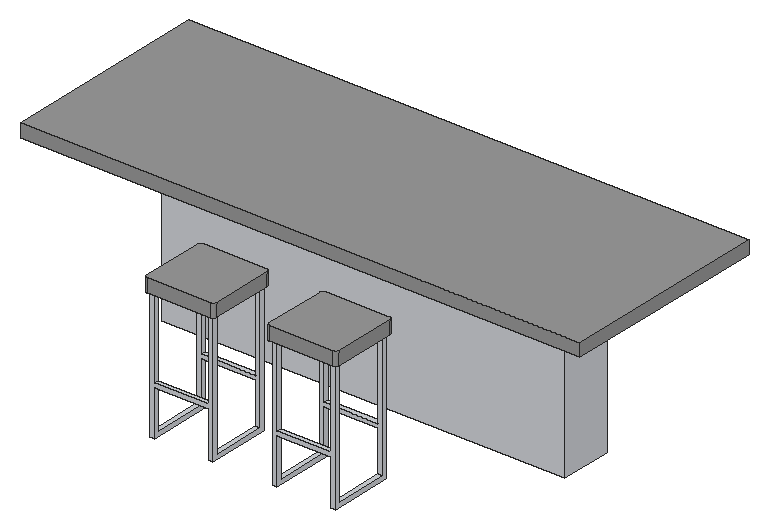
Revit family "Island_bench", category Casework, Revit 2016
Family settings
  OmniClass Number = 23.40.35.00
  OmniClass Title = Casework
  Work Plane-Based = No
  Always vertical = Yes
  Cut with Voids When Loaded = No
  Shared = No
  Room Calculation Point = No
Parameters (values of type "CONNECT BENCH 9000")
  w = (Width / 2 mm) / 700  # 2
  VISABILITY = yes
  SS = 400 mm
  Depth = 1200 mm
  Height = 900 mm
  Width = 3200 mm
Types (4, lengths in mm): name | w | Depth | Width
  CONNECT BENCH | 2 | 900 | 2450
  CONNECT BENCH 9000 | 2 | 1200 | 3200
  CONNECT BENCH 7200 | 5 | 1200 | 7200
  CONNECT BENCH 4000 | 3 | 1200 | 4000
Reference planes
  plane 1 "Back": y = 0
  plane 2: z = 0
  plane 3 "Front": y = -1200
  plane 4 "Left": x = -705.3
  plane 5 "Right": x = 2494.7
  plane 6 "Top": z = 900
  plane 7 "PLINTH LEFT": x = -255.3
  plane 8 "PLINTH RIGHT": x = 2044.7
  plane 9: y = -450
  plane 10: y = -750
  plane 11: y = -600
  plane 12: x = 894.7
Forms (mm)
  Extrusion 1, solid
    sketch origin (0, 0, 0) x (1, 0, 0) y (0, 1, 0)
      loop
        line (-255.3, -450) -> (-255.3, -750) -> (2044.7, -750) -> (2044.7, -450) -> (-255.3, -450)
    from 0 to 975
  Extrusion 2, solid, material "ABS Plastic"
    sketch origin (0, 0, 0) x (1, 0, 0) y (0, 1, 0)
      loop
        line (-705.3, 0) -> (-705.3, -1200) -> (2494.7, -1200) -> (2494.7, 0) -> (-705.3, 0)
    from 975 to 1050
Dimensions and locks
  "Width": plane 5 "Right" to plane 4 "Left"
  "Depth": plane 3 "Front" to plane 1 "Back"
  "Height": level to plane 6 "Top"
  equal spacing: plane 3 "Front", plane 11, plane 1 "Back"
  plane 10 to plane 11 to plane 9 = 150 mm locked, 150 mm locked
  locked: plane 8 "PLINTH RIGHT" to plane 5 "Right" at 450
  locked: Extrusion 2 to plane 7 "PLINTH LEFT" at 450
  equal spacing: plane 7 "PLINTH LEFT", plane 12, plane 8 "PLINTH RIGHT"
  locked: nested 2 to plane 12 at 350
  locked: plane 12 to nested 1 at 350
  aligned and locked: level to plane 2
Automatic sketch dimensions
  Extrusion 1 sketch curve to plane 7 "PLINTH LEFT" = 0 mm
  Extrusion 1 sketch curve to plane 8 "PLINTH RIGHT" = 0 mm
  plane 10 to Extrusion 1 sketch curve = 0 mm
  plane 9 to Extrusion 1 sketch curve = 0 mm
  plane 1 "Back" to Extrusion 2 sketch curve = 0 mm
  Extrusion 2 sketch curve to plane 4 "Left" = 0 mm
  plane 3 "Front" to Extrusion 2 sketch curve = 0 mm
  Extrusion 2 sketch curve to plane 5 "Right" = 0 mm
Nested families
  nested 1: "BSF-STOOL" at (1244.7, -1430, 0), type "BSF-STOOL"
  nested 2: "BSF-STOOL" at (544.7, -1430, 0), type "BSF-STOOL"
Definition of nested family "BSF-STOOL"
  Reference planes
    plane 1 "Center (Front/Back)": y = 0
    plane 2: z = 0
    plane 3 "Center (Left/Right)": x = 0
  Forms (mm)
    Extrusion 1, solid
      sketch origin (0, 0, 0) x (1, 0, 0) y (0, 1, 0)
        loop
          arc (-200, -180) -> (-194.142, -194.142) -> (-180, -200) r 20
          line (-180, -200) -> (180, -200)
          arc (180, -200) -> (194.142, -194.142) -> (200, -180) r 20
          line (200, -180) -> (200, 180)
          arc (200, 180) -> (194.142, 194.142) -> (180, 200) r 20
          line (180, 200) -> (-180, 200)
          arc (-180, 200) -> (-194.142, 194.142) -> (-200, 180) r 20
          line (-200, 180) -> (-200, -180)
      from 745 to 820
    Extrusion 2, solid
      sketch origin (0, 0, 0) x (1, 0, 0) y (0, 1, 0)
        loop
          line (-180, 180) -> (-180, 155) -> (-155, 155) -> (-155, 180) -> (-180, 180)
      from 0 to 745
    Extrusion 3, solid
      sketch origin (0, 0, 0) x (-1, 0, 0) y (0, -1, 0)
        loop
          line (-180, -180) -> (-155, -180) -> (-155, -155) -> (-180, -155) -> (-180, -180)
      from 0 to 745
    Extrusion 4, solid
      sketch origin (0, 0, 0) x (1, 0, 0) y (0, 1, 0)
        loop
          line (-180, -180) -> (-155, -180) -> (-155, -155) -> (-180, -155) -> (-180, -180)
      from 0 to 745
    Extrusion 5, solid
      sketch origin (0, 0, 0) x (-1, 0, 0) y (0, -1, 0)
        loop
          line (-180, 180) -> (-180, 155) -> (-155, 155) -> (-155, 180) -> (-180, 180)
      from 0 to 745
    Extrusion 6, solid
      sketch origin (335, 156.72, -155) x (1, 0, 0) y (0, 0, 1)
        loop
          line (-180, 180) -> (-180, 155) -> (-155, 155) -> (-155, 180) -> (-180, 180)
      from -23.28 to 336.72
    Extrusion 7, solid
      sketch origin (0, 156.72, -155) x (1, 0, 0) y (0, 0, 1)
        loop
          line (-180, 180) -> (-180, 155) -> (-155, 155) -> (-155, 180) -> (-180, 180)
      from -23.28 to 336.72
    Extrusion 8, solid
      sketch origin (156.72, 0, 105) x (0, -1, 0) y (0, 0, 1)
        loop
          line (-180, 180) -> (-180, 155) -> (-155, 155) -> (-155, 180) -> (-180, 180)
      from -23.28 to 336.72
    Extrusion 9, solid
      sketch origin (156.72, -335, 105) x (0, -1, 0) y (0, 0, 1)
        loop
          line (-180, 180) -> (-180, 155) -> (-155, 155) -> (-155, 180) -> (-180, 180)
      from -23.28 to 336.72
  Cuts and joins
    joined: Extrusion 2, Extrusion 3, Extrusion 4, Extrusion 5, Extrusion 6, Extrusion 7, Extrusion 8, Extrusion 9
  Lines and regions (mm)
    Masking region 1
      outline origin (0, 0, 0) x (1, 0, 0) y (0, 1, 0)
        loop
          arc (-180, 200) -> (-194.142, 194.142) -> (-200, 180) r 20
          line (-200, 180) -> (-200, -180)
          arc (-200, -180) -> (-194.142, -194.142) -> (-180, -200) r 20
          line (-180, -200) -> (180, -200)
          arc (180, -200) -> (194.142, -194.142) -> (200, -180) r 20
          line (200, -180) -> (200, 180)
          arc (200, 180) -> (194.142, 194.142) -> (180, 200) r 20
          line (180, 200) -> (-180, 200)
  Dimensions and locks
    aligned and locked: level to plane 2
